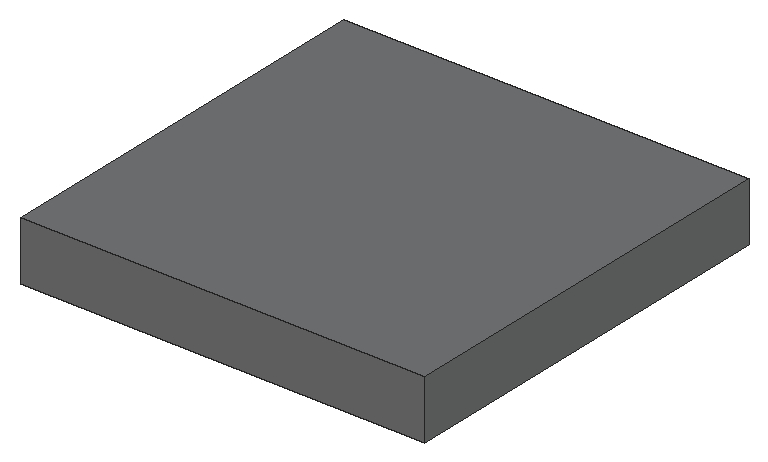
Revit family "Gira_5363600", category Electrical Fixtures, host Face, Revit 2017
Family settings
  Host = Face
  Maintain Annotation Orientation = No
  Round Connector Dimension = Use Diameter
  Part Type = Normal
  Cut with Voids When Loaded = No
  Shared = No
  Room Calculation Point = No
Parameters (values of type "S3000 Bedienaufs. Memory System 55 Edelstahl")
  Werkstoffgüte = "sonstige"
  Werkstoff = "sonstige"
  URL = "http://katalog.gira.de/de_DE/datenblatt.html?artikelnr=5363600"
  Transparent = "No"
  Region = "DE"
  Oberfläche = "sonstige"
  Name = "S3000 Bedienaufs. Memory System 55 Edelstahl"
  Mit LED-Anzeige = "No"
  Mit Abdeckung = "Yes"
  Manufacturer URL = "https://www.gira.de/"
  Keynote = "Sys55_Abdeckung_Schalten und Tasten"
  HeinzeBIM = "https://bimportal.heinze.de/bim/s3000-bedienaufs-memory-system-55-edelstahl/958b671ee1c265dd93fcb41feb372397036fab10"
  Halogenfrei = "Yes"
  HAN = "5363600"
  Geeignet für Schalteinsatz = "No"
  Geeignet für Jalousieeinsatz = "Yes"
  Geeignet für Dimmeinsatz = "No"
  GTIN = "4010337027393"
  Farbe = "edelstahl"
  Default Elevation = 1219.2 mm
  Data sheet (1) = "https://katalog.gira.de/de_DE/download.html?artikelnr=5363600"
  Category = "Bedienelement intelligent"
  Available = "Yes"
  Ausführung der Oberfläche = "nicht zutreffend"
  Anzahl der Tasten = "2 "
  Anzahl der Betätigungspunkte = "4 "
  Anwendung = "Steuern elektrischer Verbraucher"
  Anthrazit [instance] = Anthrazit
Reference planes
  plane 1 "Center (Front/Back)": y = 0
  plane 2: z = 0
  plane 3 "Center (Left/Right)": x = 0
Forms (mm)
  Extrusion 1, solid, material "Anthrazit" <- "Anthrazit", detail levels fine
    sketch origin (0, 0, 0) x (1, 0, 0) y (0, 1, 0)
      loop
        line (-27.5, 27.5) -> (-27.5, -27.5) -> (27.5, -27.5) -> (27.5, 27.5) -> (-27.5, 27.5)
    from 0 to 8
  Extrusion 2, void
    sketch origin (0, 0, 0) x (1, 0, 0) y (0, 1, 0)
      loop
        line (26, 26) -> (-26, 26) -> (-26, -26) -> (26, -26) -> (26, 26)
    from 0 to 6
  Extrusion 3, solid, material "Anthrazit" <- "Anthrazit", detail levels medium
    sketch origin (0, 0, 0) x (1, 0, 0) y (0, 1, 0)
      loop
        line (-27.5, 27.5) -> (-27.5, -27.5) -> (27.5, -27.5) -> (27.5, 27.5) -> (-27.5, 27.5)
    from 0 to 8
  Extrusion 4, solid, material "Anthrazit" <- "Anthrazit", detail levels medium
    sketch origin (0, 0, 0) x (1, 0, 0) y (0, 1, 0)
      loop
        line (11, -17.5) -> (11, 17.5) -> (-11, 17.5) -> (-11, -17.5) -> (11, -17.5)
    from -6 to 6
  Extrusion 5, solid, material "Anthrazit" <- "Anthrazit", detail levels fine
    sketch origin (0, 0, 0) x (1, 0, 0) y (0, 1, 0)
      loop
        line (11, 17.5) -> (-11, 17.5) -> (-11, 16.5) -> (11, 16.5) -> (11, 17.5)
      loop
        line (-11, -16.5) -> (-11, -17.5) -> (11, -17.5) -> (11, -16.5) -> (-11, -16.5)
    from -4 to 6
  Extrusion 6, solid, material "Anthrazit" <- "Anthrazit", detail levels fine
    sketch origin (0, 0, 0) x (1, 0, 0) y (0, 1, 0)
      loop
        arc (5, 9.347) -> (0, 10.6) -> (-5, 9.347) r 10.6
        line (-5, 9.347) -> (-5, -9.347)
        arc (-5, -9.347) -> (0, -10.6) -> (5, -9.347) r 10.6
        line (5, -9.347) -> (5, 9.347)
    from -6 to 6
  Extrusion 7, solid, material "Anthrazit" <- "Anthrazit", detail levels coarse
    sketch origin (0, 0, 0) x (1, 0, 0) y (0, 1, 0)
      loop
        line (-27.5, 27.5) -> (-27.5, -27.5) -> (27.5, -27.5) -> (27.5, 27.5) -> (-27.5, 27.5)
    from -6 to 8
Cuts and joins
  Extrusion 2 cuts Extrusion 1
Dimensions and locks
  aligned and locked: plane 2 to host face
  aligned and locked: level to host face
